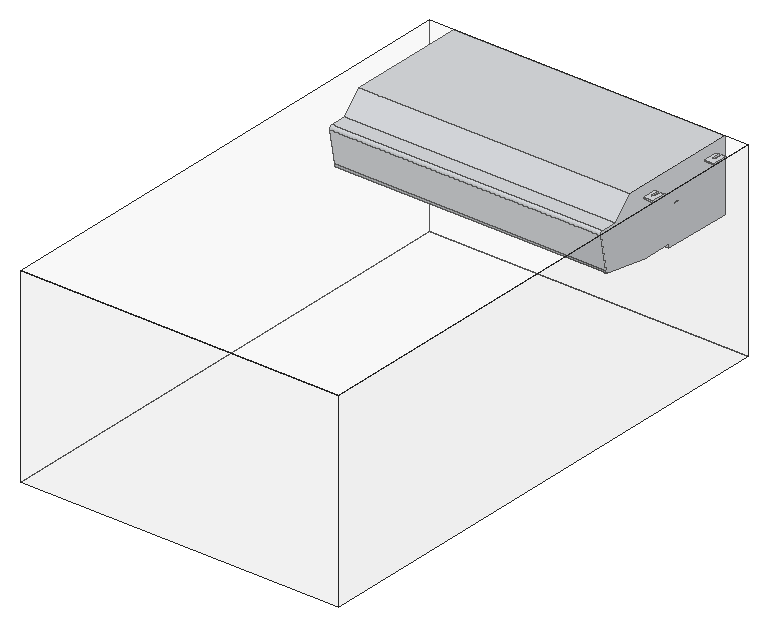
Revit family "pcfy-rp80_140hmg9_60hz", category 機械設備, Revit 2019
Family settings
  丸型コネクタ寸法 = 直径を使用
  パーツ タイプ = 標準
  OmniClass 番号 = 23.75.10.24.21.27.27
  OmniClass タイトル = Split System Air Conditioning Units
  作業面ベース = いいえ
  常に垂直 = はい
  ロード時にボイドで切り取り = いいえ
  共有 = いいえ
  部屋計算ポイント = はい
Parameters (values of type "厨房天吊_PCFY-P80HMG9")
  風量_強 (m3/min) = 19
  風量_弱 (m3/min) = 14
  風量 = MAX風量  # 1140.0 m³/h
  音響パワーレベル（弱）(dB) = 54
  音響パワーレベル(dB) = 57
  電源種別 = ""
  電源_H = 0 mm
  電圧 = 200 V
  電動機出力_送風機 = 0.04 kW
  運転質量 = 0.00 kg
  連動 = ""
  質量 = if(製品質量 > 運転質量, 製品質量, 運転質量) * 1.2  # 49.20 kg
  負荷分類 = 3_ファン類
  構成品番 = "PCFY-P80HMG9"
  冷媒液管位置 = 174 mm
  冷媒ガス管位置 = 197 mm
  ドレン管径 (外径) = 32 mm
  【値が 0 の項目は組合せ形名にてご確認ください】 = ""
  MIN風量 = [風量_弱 (m3/min)] * 60.0 m³/h  # 840.0 m³/h
  MAX風量 = [風量_強 (m3/min)] * 60.0 m³/h  # 1140.0 m³/h
  サービススペース = yes
  ケーブルサイズ = 1.6 mm
  Version = ""
  URL = "https://www.mitsubishielectric.co.jp/ldg/wink/ssl/displayProduct.do?pid=321247"
  Line = not(Width = 1136 mm)  # no
  説明 = "ビル用マルチ 天吊形室内機(厨房用)"
  設計暖房能力 = 0.00 kW
  設計冷房能力_顕熱 = 0 kW
  設計冷房能力 = 0 kW
  設置方法 = "天井吊形"
  記号 = ""
  製造元 = "三菱電機株式会社"
  製品質量 = 41.00 kg
  製品出荷対象 = "国内"
  製品リリース年月 = "2022/9/15"
  製品グループ = ""
  系統 = ""
  符号 = "ACP_CRK"
  積算_科目 = "1 空気調和設備"
  積算_拾い区分 [instance] = ""
  相 = 1
  盤記号 = ""
  発停方法 = "付属スイッチ"
  特殊仕様 = ""
  火災停止 = ""
  消費電力_暖房 = 0.13 kW
  消費電力_冷房 = 0.13 kW
  消費電力 = if(消費電力_冷房 > 消費電力_暖房, 消費電力_冷房, 消費電力_暖房)  # 0.13 kW
  法定耐用年数 = "6"
  極数 = 1
  材質 = ""
  本体マテリアル = none
  有効加湿量 = 0
  暖房能力 = 9.00 kW
  推奨ブレーカー容量 = 15 A
  形式_加湿器 = ""
  形式 = "厨房用天井吊（露出）形"
  幹線記号 = ""
  始動方式 = "直入"
  呼称 = "室内機_厨房用天井吊（露出）形"
  周波数 = 60 Hz
  吊り位置Y = 320 mm
  吊り位置X = 1180 mm
  吊りボルト_H = 43 mm
  台数_手元リモコン = ""
  台数_冷媒分岐ユニット = ""
  参照している仕様書等のバージョン = "公共建築工事標準仕様書（機械設備工事編）平成31年度版"
  加湿給水管径 = 0.00 mm
  分類コード = "50053003221080"
  分類グループ = ""
  冷房能力 = 8 kW
  冷媒高低圧ガス管径 = 0.00 mm
  冷媒管径符号 = "Bd"
  冷媒管径 = 100.00 mm
  冷媒液管高さ = 165 mm
  冷媒液管径 = 9.52 mm
  冷媒ガス管高さ = 165 mm
  冷媒ガス管径 = 15.88 mm
  企業コード = "108420"
  付属品_フィルター = ""
  付属品 = ""
  仕様書バージョン = "Version1.0"
  Model = ""
  パネルマテリアル = none
  ドレン管高さ = 254 mm
  ドレン管径 = 25.00 mm
  コメント [instance] = ""
  ケーブル種類 = ""
  Width = 1136 mm
  Uniclass2015Version = "Systems v1.9"
  Uniclass2015Title = "Split coil remote air cooled condensing units"
  Uniclass2015Code = "Pr_70_65_03_84"
  SpecificationReference = ""
  SpecificationDescription = ""
  S_H = 295 mm
  Revision = ""
  ProductInformation = ""
  OmniClassCode = "23-33 17 13 11"
  IfcTypeProduct = ""
  IfcProduct = ""
  IfcExportType = "AIRCONDITIONINGUNIT"
  IfcExportAs = "IfcUnitaryEquipmentType"
  Height = 280 mm
  Depth = 650 mm
  価格 = 0
  Clearance Top = 2 mm
  Clearance Right = 100 mm
  Clearance Left = 100 mm
  Clearance Front = 1500 mm
  Clearance Bottom = 500 mm
  Clearance Back = 0 mm
  Author = "三菱電機株式会社"
Types (2, lengths in mm): name | 風量_強 (m3/min) | 風量_弱 (m3/min) | 風量 | 音響パワーレベル（弱）(dB) | 音響パワーレベル(dB) | 電動機出力_送風機 | 質量 | 構成品番 | MIN風量 | MAX風量 | URL | Line | 製品質量 | 消費電力_暖房 | 消費電力_冷房 | 消費電力 | 暖房能力 | 吊り位置X | 冷房能力 | Width
  厨房天吊_PCFY-P80HMG9 | 19 | 14 | 1140.0 m³/h | 54 | 57 | 0.04 kW | 49.20 kg | "PCFY-P80HMG9" | 840.0 m³/h | 1140.0 m³/h | "https://www.mitsubishielectric.co.jp/ldg/wink/ssl/displayProduct.do?pid=321247" | no | 41.00 kg | 0.13 kW | 0.13 kW | 0.13 kW | 9.00 kW | 1180 | 8 kW | 1136
  厨房天吊_PCFY-P140HMG9 | 38 | 28 | 2280.0 m³/h | 61 | 68 | 0.16 kW | 67.20 kg | "PCFY-P140HMG9" | 1680.0 m³/h | 2280.0 m³/h | "https://www.mitsubishielectric.co.jp/ldg/wink/ssl/displayProduct.do?pid=321258" | yes | 56.00 kg | 0.30 kW | 0.30 kW | 0.30 kW | 16.00 kW | 1564 | 14 kW | 1520
Reference planes
  plane 1 "中心(正面/背面)": y = 0
  plane 2: z = 0
  plane 3 "中心(左/右)": x = 0
  plane 4: x = 523
  plane 5: z = 3835
  plane 6: x = 438
  plane 7: z = 3835
  plane 8: x = 463
  plane 9: z = 3746
  plane 10: x = 668
  plane 11: x = 568
  plane 12: x = -668
  plane 13: x = -568
  plane 14: y = -650
  plane 15: z = -280
  plane 16: y = -2150
  plane 17: x = -590
  plane 18: x = 590
  plane 19: z = -795
  plane 20: z = -295
  plane 21: x = 558.3
  plane 22: y = -80
  plane 23: y = -400
  plane 24: y = -325
  plane 25: y = -197
  plane 26: y = -174
  plane 27: y = -70
  plane 28: z = -43
  plane 29: z = -165
  plane 30: z = -254
  plane 31: x = 523
  plane 32: x = 438
  plane 33: x = 463
  plane 34: x = 463
  plane 35: z = 3746
  plane 36: z = 2
  plane 37: z = -95
  plane 38: z = -165
Forms (mm)
  Extrusion 1, solid, detail levels fine
    sketch origin (0, -325, -4000) x (0, 1, 0) y (0, 0, 1)
      loop
        line (325, 4000) -> (-171.734, 4000) -> (-246.938, 3924.796) -> (-313.202, 3924.796)
        arc (-313.202, 3924.796) -> (-322.395, 3920.509) -> (-325.02, 3910.712) r 12
        line (-325.02, 3910.712) -> (-299.97, 3768.648)
        arc (-299.97, 3768.648) -> (-294.972, 3759.046) -> (-285.369, 3754.047) r 18
        line (-285.369, 3754.047) -> (-92.277, 3720) -> (35.069, 3720) -> (35.069, 3705) -> (325, 3705) -> (325, 4000)
    from -568 to 568
  Extrusion 2, solid, detail levels fine
    sketch origin (0, 0, 0) x (0, 0, -1) y (-1, 0, 0)
      loop
        circle (165.005, -523) r 7.94
    from -325 to -197
  Extrusion 3, solid, detail levels fine
    sketch origin (0, 0, 0) x (0, 0, -1) y (-1, 0, 0)
      loop
        circle (165.005, -438) r 4.76
    from -174 to -325
  Extrusion 4, solid, detail levels fine
    sketch origin (0, 0, 0) x (0, 0, -1) y (-1, 0, 0)
      loop
        circle (254.005, -463) r 16
    from -70 to -325
  Extrusion 5, solid, detail levels fine
    sketch origin (0, 0, -4000) x (1, 0, 0) y (0, 1, 0)
      loop
        line (568, -370) -> (568, -430) -> (612, -430) -> (612, -370) -> (595, -370) -> (595, -400)
        arc (595, -400) -> (590, -405) -> (585, -400) r 5
        line (585, -400) -> (585, -370) -> (568, -370)
    from 3954.5 to 3959.5
  Extrusion 6, solid, detail levels fine
    sketch origin (0, 320, -4000) x (1, 0, 0) y (0, 1, 0)
      loop
        line (568, -370) -> (568, -430) -> (612, -430) -> (612, -370) -> (595, -370) -> (595, -400)
        arc (595, -400) -> (590, -405) -> (585, -400) r 5
        line (585, -400) -> (585, -370) -> (568, -370)
    from 3954.5 to 3959.5
  Extrusion 7, solid, detail levels fine
    sketch origin (-1180, 0, -4000) x (1, 0, 0) y (0, 1, 0)
      loop
        line (568, -370) -> (568, -430) -> (612, -430) -> (612, -370) -> (595, -370) -> (595, -400)
        arc (595, -400) -> (590, -405) -> (585, -400) r 5
        line (585, -400) -> (585, -370) -> (568, -370)
    from 3954.5 to 3959.5
  Extrusion 8, solid, detail levels fine
    sketch origin (-1180, 320, -4000) x (1, 0, 0) y (0, 1, 0)
      loop
        line (568, -370) -> (568, -430) -> (612, -430) -> (612, -370) -> (595, -370) -> (595, -400)
        arc (595, -400) -> (590, -405) -> (585, -400) r 5
        line (585, -400) -> (585, -370) -> (568, -370)
    from 3954.5 to 3959.5
  Extrusion 9, solid, detail levels fine
    sketch origin (-3.482, 0, 0) x (1, 0, 0) y (0, 0, 1)
      loop
        circle (483.982, -165) r 50
    from 0 to 5
  Extrusion 10, solid, detail levels fine
    sketch origin (0, 160, 0) x (0, 0, -1) y (-1, 0, 0)
      loop
        circle (254.005, -463) r 16
    from -160 to -165
Lines and regions (mm)
  model lines, detail levels fine
    curve 1: line (-493, -647.647, -102.744) -> (-493, -628.546, -211.073)
    curve 2: line (493, -647.647, -102.744) -> (493, -628.546, -211.073)
    curve 3: line (-493, -647.647, -102.744) -> (493, -647.647, -102.744)
    curve 4: line (493, -628.546, -211.073) -> (-493, -628.546, -211.073)
Dimensions and locks
  equal spacing: plane 13, plane 3 "中心(左/右)", plane 11
  "Width": plane 13 to plane 11
  "Clearance Right": plane 11 to plane 10
  "Clearance Left": plane 12 to plane 13
  "Depth": plane 14 to plane 1 "中心(正面/背面)"
  "Height": level to plane 15
  "Clearance Front": plane 16 to plane 14
  equal spacing: plane 17, plane 3 "中心(左/右)", plane 18
  "吊り位置X": plane 17 to plane 18
  "S_H": level to plane 20
  locked: plane 21 to plane 11 at 9.7
  locked: plane 22 to plane 1 "中心(正面/背面)" at 80
  "吊り位置Y": plane 22 to plane 23
  plane 27 to plane 1 "中心(正面/背面)" = 70 mm
  "冷媒液管位置": plane 26 to plane 1 "中心(正面/背面)"  (x2)
  "冷媒ガス管位置": plane 25 to plane 1 "中心(正面/背面)"  (x2)
  plane 24 to plane 25 = 128 mm
  plane 24 to plane 26 = 151 mm
  "Clearance Bottom": plane 20 to plane 19
  "吊りボルト_H": level to plane 28
  level to plane 29 = 165 mm
  level to plane 30 = 254 mm
  plane 31 to plane 11 = 45 mm
  plane 32 to plane 31 = 85 mm
  plane 33 to plane 11 = 105 mm
  "Clearance Back": plane 1 "中心(正面/背面)" to nested 1
  equal spacing: plane 32, Extrusion 9 sketch curve, plane 31
  "Clearance Top": plane 36 to plane 2
  "冷媒ガス管高さ": plane 2 to plane 29
  "冷媒液管高さ": Extrusion 1 to plane 38
  "冷媒液管径": diameter of Extrusion 3 sketch curve
  "冷媒ガス管径": diameter of Extrusion 2 sketch curve
  "ドレン管径 (外径)": diameter of Extrusion 4 sketch curve
  "ドレン管径 (外径)": diameter of Extrusion 10 sketch curve
  aligned and locked: level to plane 2
  aligned and locked: plane 11 to Extrusion 1
  aligned and locked: plane 13 to Extrusion 1
  aligned and locked: plane 12 to nested 1
  aligned and locked: nested 1 to plane 10
  aligned and locked: plane 17 to nested 2
  aligned and locked: nested 2 to plane 18
  aligned and locked: plane 20 to Extrusion 1
  aligned and locked: plane 21 to nested 3
  aligned and locked: nested 1 to plane 16
  aligned and locked: plane 22 to nested 2
  aligned and locked: plane 23 to nested 2
  aligned and locked: plane 1 "中心(正面/背面)" to nested 1
  aligned and locked: plane 36 to nested 1
  aligned and locked: plane 26 to Extrusion 3
  aligned and locked: plane 19 to nested 1
Automatic sketch dimensions
  Extrusion 1 sketch curve to level = 0 mm
  Extrusion 1 sketch curve to plane 15 = 0 mm
  Extrusion 1 sketch curve to plane 20 = 0 mm
  Extrusion 1 sketch curve to plane 1 "中心(正面/背面)" = 0 mm
  plane 24 to Extrusion 1 sketch curve = 35.069 mm
  Extrusion 1 sketch curve to plane 23 = 17.277 mm
  Extrusion 1 sketch curve to plane 23 = 96.734 mm
  Extrusion 1 sketch curve to plane 28 = 32.204 mm
  plane 14 to Extrusion 1 sketch curve = 78.062 mm
  plane 14 to Extrusion 1 sketch curve = 42.756 mm
  plane 30 to Extrusion 1 sketch curve = 8.047 mm
  Extrusion 1 sketch curve to Extrusion 1 sketch curve = 3.126 mm
  Extrusion 1 sketch curve to Extrusion 1 sketch curve = 17.727 mm
  plane 14 to Extrusion 1 sketch curve = 11.798 mm
  Extrusion 1 sketch curve to plane 14 = 0.02 mm
  Extrusion 1 sketch curve to Extrusion 1 sketch curve = 14.601 mm
  Extrusion 1 sketch curve to Extrusion 1 sketch curve = 14.084 mm
  Extrusion 1 to curve 3 = 13.664 mm
  curve 2 to Extrusion 1 = 20.591 mm
  Extrusion 1 to curve 1 = 75 mm
  Extrusion 1 to curve 3 = 75 mm
  Extrusion 5 sketch curve to plane 11 = 0 mm
  Extrusion 5 sketch curve to plane 23 = 0 mm
  Extrusion 5 sketch curve to plane 18 = 0 mm
  Extrusion 5 sketch curve to Extrusion 5 sketch curve = 5 mm
  Extrusion 5 sketch curve to plane 18 = 22 mm
  Extrusion 5 sketch curve to plane 23 = 30 mm
  plane 23 to Extrusion 5 sketch curve = 30 mm
  Extrusion 5 sketch curve to Extrusion 5 sketch curve = 0 mm
  Extrusion 6 sketch curve to plane 11 = 0 mm
  Extrusion 6 sketch curve to plane 22 = 0 mm
  Extrusion 6 sketch curve to plane 18 = 0 mm
  Extrusion 6 sketch curve to Extrusion 6 sketch curve = 5 mm
  Extrusion 6 sketch curve to plane 18 = 22 mm
  Extrusion 6 sketch curve to plane 22 = 30 mm
  plane 27 to Extrusion 6 sketch curve = 20 mm
  Extrusion 6 sketch curve to Extrusion 6 sketch curve = 0 mm
  Extrusion 7 sketch curve to plane 23 = 0 mm
  Extrusion 7 sketch curve to plane 17 = 0 mm
  Extrusion 7 sketch curve to plane 13 = 0 mm
  Extrusion 7 sketch curve to plane 17 = 5 mm
  Extrusion 7 sketch curve to plane 17 = 22 mm
  Extrusion 7 sketch curve to plane 23 = 30 mm
  plane 23 to Extrusion 7 sketch curve = 30 mm
  Extrusion 7 sketch curve to Extrusion 7 sketch curve = 0 mm
  Extrusion 8 sketch curve to plane 22 = 0 mm
  Extrusion 8 sketch curve to plane 17 = 0 mm
  Extrusion 8 sketch curve to plane 13 = 0 mm
  Extrusion 8 sketch curve to plane 17 = 5 mm
  Extrusion 8 sketch curve to plane 17 = 22 mm
  Extrusion 8 sketch curve to plane 22 = 30 mm
  plane 27 to Extrusion 8 sketch curve = 20 mm
  Extrusion 8 sketch curve to Extrusion 8 sketch curve = 0 mm
  Extrusion 9 sketch curve to plane 29 = 0 mm
  Extrusion 1 to Extrusion 2 sketch curve = 45 mm
  Extrusion 2 sketch curve to Extrusion 1 = 129.995 mm
  Extrusion 3 sketch curve to Extrusion 1 = 129.995 mm
  Extrusion 1 to Extrusion 3 sketch curve = 130 mm
  Extrusion 4 sketch curve to Extrusion 1 = 40.995 mm
  Extrusion 1 to Extrusion 4 sketch curve = 105 mm
  plane 33 to Extrusion 10 sketch curve = 0 mm
  Extrusion 10 sketch curve to plane 30 = 0.005 mm
  radius of Extrusion 9 sketch curve = 50 mm
Nested families
  nested 1: "サービススペース" at (0, -1075, -396.5), visible <- "サービススペース", type "サービススペース"
    with Width 1336 mm, Height 797 mm, Depth 2150 mm
  nested 2: "固定点" at (-590, -400, 0), type "固定点"
    with W 1180 mm, D 320 mm
  nested 3: "吸込口" at (-192, 0, -4000), Width <- "Width", type "吸込口"
    with Width 1136 mm, Line no
Connectors
  piping at (480.5, 0, -165), diameter 100, driven by "冷媒管径", driven by "冷媒管径符号"
    settings: on Extrusion 9, index 1, connector inside diameter 609.60 mm, connector length 0 mm, flow factor 0, pipe flow 0.0 L/s, pressure drop 0.0 Pa, fitting loss kfactor 0, connector angle 0.00°, fixture units 0, engagement length 0 mm, angle of deflection 0.00°, flow configuration 1, flow direction 1, fitting loss method 4, system type 7, joint type 0, gender type 0, connector reference index -1, connector utility 0, adjustable connector no, is connector primary yes, connector description "Bd"
  piping at (463, 0, -254.005), diameter 32, driven by "ドレン管径 (外径)"
    settings: on Extrusion 10, index 2, connector inside diameter 609.60 mm, connector length 0 mm, flow factor 0, pipe flow 0.0 L/s, pressure drop 0.0 Pa, fitting loss kfactor 0, connector angle 0.00°, fixture units 0, engagement length 0 mm, angle of deflection 0.00°, flow configuration 1, flow direction 2, fitting loss method 4, system type 16, joint type 0, gender type 0, connector reference index -1, connector utility 0, adjustable connector no, is connector primary no, connector description ""
  electrical at (568, -417.216, -169.727), driven by "極数", driven by "負荷分類", driven by "電圧", driven by "消費電力"
    settings: on Extrusion 1, index 3, voltage 200 V, apparent load 130 VA, apparent load phase1 0 VA, apparent load phase2 0 VA, apparent load phase3 0 VA, power factor 1, load classification "3_ファン類", number of poles 1, system type 30, power factor state 1, is connector primary yes, connector utility no, sub classification motor no, connector description ""
Definition of nested family "サービススペース"
  Parameters (values of type "サービススペース")
    Width [instance] = 500 mm
    Height [instance] = 500 mm
    Depth [instance] = 500 mm
  Reference planes
    plane 1 "中心(正面/背面)": y = 0
    plane 2: z = 0
    plane 3 "中心(左/右)": x = 0
    plane 4: y = -250
    plane 5: x = 250
    plane 6: y = 250
    plane 7: x = -250
    plane 8: z = 250
    plane 9: z = -250
  Forms (mm)
    Extrusion 1, solid
      sketch origin (-638.939, 0, 72.39) x (1, 0, 0) y (0, 1, 0)
        loop
          line (388.939, 250) -> (388.939, -250) -> (888.939, -250) -> (888.939, 250) -> (388.939, 250)
      from -322.39 to 177.61
  Lines and regions (mm)
    symbolic lines
      curve 1: line (-250, 0, 250) -> (250, 0, 250)
      curve 2: line (-250, 0, -250) -> (-250, 0, 250)
      curve 3: line (250, 0, -250) -> (-250, 0, -250)
      curve 4: line (250, 0, 250) -> (250, 0, -250)
      curve 5: line (0, -250, 250) -> (0, 250, 250)
      curve 6: line (0, -250, -250) -> (0, -250, 250)
      curve 7: line (0, 250, -250) -> (0, -250, -250)
      curve 8: line (0, 250, 250) -> (0, 250, -250)
      curve 9: line (-250, 250, 0) -> (250, 250, 0)
      curve 10: line (-250, -250, 0) -> (-250, 250, 0)
      curve 11: line (250, -250, 0) -> (-250, -250, 0)
      curve 12: line (250, 250, 0) -> (250, -250, 0)
  Dimensions and locks
    equal spacing: plane 7, plane 3 "中心(左/右)", plane 5
    equal spacing: plane 4, plane 1 "中心(正面/背面)", plane 6
    "Depth": plane 4 to plane 6
    "Width": plane 7 to plane 5
    equal spacing: plane 8, plane 2, plane 9
    "Height": plane 8 to plane 9
    aligned and locked: plane 9 to curve 3
    aligned and locked: plane 7 to curve 2
    aligned and locked: curve 4 to plane 5
    aligned and locked: plane 5 to Extrusion 1
    aligned and locked: Extrusion 1 to plane 7
    aligned and locked: Extrusion 1 to plane 9
    aligned and locked: plane 8 to Extrusion 1
    aligned and locked: plane 9 to curve 7
  Automatic sketch dimensions
    plane 4 to Extrusion 1 sketch curve = 0 mm
    Extrusion 1 sketch curve to plane 7 = 0 mm
    Extrusion 1 sketch curve to plane 5 = 0 mm
    plane 6 to Extrusion 1 sketch curve = 0 mm
    curve 2 to plane 8 = 0 mm
    plane 4 to curve 11 = 0 mm
    curve 11 to plane 7 = 0 mm
    curve 11 to plane 5 = 0 mm
    plane 6 to curve 10 = 0 mm
    curve 7 to plane 4 = 0 mm
    curve 7 to plane 6 = 0 mm
    curve 6 to plane 8 = 0 mm
Definition of nested family "固定点"
  Parameters (values of type "固定点")
    中心円 = 20 mm
    W [instance] = 1000 mm
    D [instance] = 1000 mm
  Reference planes
    plane 1 "中心(正面/背面)": y = 0
    plane 2: z = 0
    plane 3 "中心(左/右)": x = 0
    plane 4: x = 1000
    plane 5: y = 1000
  Lines and regions (mm)
    symbolic lines, detail levels fine
      curve 1: circle (0, 1000, 0) r 10 normal (0, 0, 1)
      curve 2: circle (0, 0, 0) r 10 normal (0, 0, 1)
      curve 3: circle (1000, 1000, 0) r 10 normal (0, 0, 1)
      curve 4: circle (1000, 0, 0) r 10 normal (0, 0, 1)
      curve 5: line (-200, 1000, 0) -> (1200, 1000, 0)
      curve 6: line (-200, 0, 0) -> (1200, 0, 0)
      curve 7: line (0, 1200, 0) -> (0, -200, 0)
      curve 8: line (1000, 1200, 0) -> (1000, -200, 0)
  Dimensions and locks
    "W": plane 3 "中心(左/右)" to plane 4
    "D": plane 1 "中心(正面/背面)" to plane 5
    "中心円": diameter of curve 1
    "中心円": diameter of curve 2
    "中心円": diameter of curve 3
    "中心円": diameter of curve 4
    aligned and locked: level to plane 2
    aligned and locked: plane 5 to curve 1
    aligned and locked: plane 3 "中心(左/右)" to curve 1
    aligned and locked: plane 3 "中心(左/右)" to curve 2
    aligned and locked: plane 1 "中心(正面/背面)" to curve 2
    aligned and locked: plane 4 to curve 3
    aligned and locked: plane 5 to curve 3
    aligned and locked: plane 1 "中心(正面/背面)" to curve 4
    aligned and locked: plane 4 to curve 4
    aligned and locked: plane 1 "中心(正面/背面)" to curve 6
    aligned and locked: curve 7 to plane 3 "中心(左/右)"
    aligned and locked: curve 8 to plane 4
  Automatic sketch dimensions
    curve 5 to plane 5 = 0 mm
    curve 6 to plane 3 "中心(左/右)" = 200 mm
    curve 5 to plane 3 "中心(左/右)" = 200 mm
    curve 4 to curve 6 = 200 mm
    curve 3 to curve 5 = 200 mm
    plane 1 "中心(正面/背面)" to curve 8 = 200 mm
    plane 1 "中心(正面/背面)" to curve 7 = 200 mm
    curve 3 to curve 8 = 200 mm
    curve 1 to curve 7 = 200 mm
Definition of nested family "吸込口"
  Parameters (values of type "吸込口")
    Width [instance] = 1136 mm
    Line [instance] = not(Width = 1136 mm)  # no
  Reference planes
    plane 1 "Center (Front/Back)": y = 0
    plane 2: z = 0
    plane 3 "Center (Left/Right)": x = 0
  Lines and regions (mm)
    model lines, visible <- "Line", detail levels fine
      curve 1: line (-376.3, -289.931, 3705) -> (-376.3, 0, 3705)
      curve 12: line (-391.3, 0, 3705) -> (-391.3, -289.931, 3705)
      curve 13: line (-750.3, -274.931, 3705) -> (-750.3, -15, 3705)
      curve 14: line (-401.3, -15, 3705) -> (-401.3, -274.931, 3705)
      curve 15: line (-750.3, -15, 3705) -> (-401.3, -15, 3705)
      curve 16: line (-401.3, -274.931, 3705) -> (-750.3, -274.931, 3705)
      curve 17: line (-750.3, -54.429, 3705) -> (-595.903, -274.931, 3705)
      curve 18: line (-401.3, -55, 3705) -> (-555.297, -274.931, 3705)
      curve 19: line (-750.3, -235.571, 3705) -> (-595.854, -15, 3705)
      curve 20: line (-401.3, -235, 3705) -> (-555.346, -15, 3705)
      curve 21: line (-750.3, -274.931, 3705) -> (-750.3, -15, 3705)
      curve 40: line (750.3, -274.931, 3705) -> (750.3, -15, 3705)
    model lines, detail levels fine
      curve 2: line (-7.7, 0, 3705) -> (-7.7, -289.931, 3705)
      curve 3: line (-366.3, -274.931, 3705) -> (-366.3, -15, 3705)
      curve 4: line (-17.7, -15, 3705) -> (-17.7, -274.931, 3705)
      curve 5: line (-366.3, -15, 3705) -> (-17.7, -15, 3705)
      curve 6: line (-17.7, -274.931, 3705) -> (-366.3, -274.931, 3705)
      curve 7: line (-366.3, -55, 3705) -> (-212.303, -274.931, 3705)
      curve 8: line (-17.7, -55, 3705) -> (-171.697, -274.931, 3705)
      curve 9: line (-366.3, -235, 3705) -> (-212.254, -15, 3705)
      curve 10: line (-17.7, -235, 3705) -> (-171.746, -15, 3705)
      curve 11: line (7.3, -289.931, 3705) -> (7.3, 0, 3705)
      curve 22: line (376.3, -289.931, 3705) -> (376.3, 0, 3705)
      curve 23: line (366.3, -274.931, 3705) -> (366.3, -15, 3705)
      curve 24: line (17.7, -15, 3705) -> (17.7, -274.931, 3705)
      curve 25: line (366.3, -15, 3705) -> (17.7, -15, 3705)
      curve 26: line (17.7, -274.931, 3705) -> (366.3, -274.931, 3705)
      curve 27: line (366.3, -55, 3705) -> (212.303, -274.931, 3705)
      curve 28: line (17.7, -55, 3705) -> (171.697, -274.931, 3705)
      curve 29: line (366.3, -235, 3705) -> (212.254, -15, 3705)
      curve 30: line (17.7, -235, 3705) -> (171.746, -15, 3705)
      curve 31: line (391.3, 0, 3705) -> (391.3, -289.931, 3705)
      curve 32: line (750.3, -274.931, 3705) -> (750.3, -15, 3705)
      curve 33: line (401.3, -15, 3705) -> (401.3, -274.931, 3705)
      curve 34: line (750.3, -15, 3705) -> (401.3, -15, 3705)
      curve 35: line (401.3, -274.931, 3705) -> (750.3, -274.931, 3705)
      curve 36: line (750.3, -54.429, 3705) -> (595.903, -274.931, 3705)
      curve 37: line (401.3, -55, 3705) -> (555.297, -274.931, 3705)
      curve 38: line (750.3, -235.571, 3705) -> (595.854, -15, 3705)
      curve 39: line (401.3, -235, 3705) -> (555.346, -15, 3705)
  Dimensions and locks
    aligned and locked: level to plane 2
